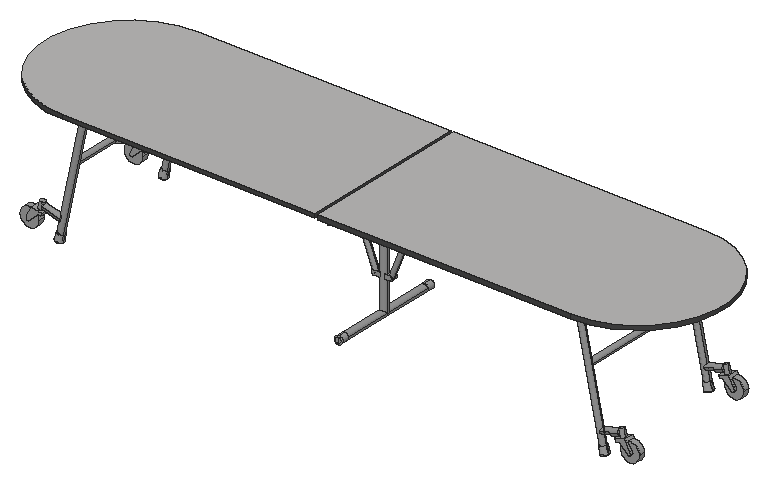
Revit family "23M El. 12 Long x 27 High", category Furniture, Revit 2016 (continued)
Automatic sketch dimensions
  Extrusion 54 sketch curve to Extrusion 54 sketch curve = 0' - 0.70096"
  Extrusion 55 sketch curve to plane 1 "Center Front/Back" = 1' - 1.83838"
  Extrusion 56 sketch curve to plane 1 "Center Front/Back" = 1' - 1.83838"
  Extrusion 57 sketch curve to plane 1 "Center Front/Back" = 1' - 1.83838"
  level to Extrusion 58 sketch curve = 0' - 2.60323"
  plane 3 "Center Left/Right" to Extrusion 58 sketch curve = 5' - 4.18134"
  level to Extrusion 58 sketch curve = 0' - 3.19045"
  Extrusion 58 sketch curve to Extrusion 58 sketch curve = 0' - 0.0982"
  level to Extrusion 58 sketch curve = 0' - 2.37748"
  Extrusion 58 sketch curve to Extrusion 58 sketch curve = 0' - 0.1639"
  Extrusion 58 sketch curve to Extrusion 58 sketch curve = 0' - 0.19297"
  level to Extrusion 58 sketch curve = 0' - 2.3319"
  Extrusion 58 sketch curve to Extrusion 58 sketch curve = 0' - 0.30329"
  level to Extrusion 58 sketch curve = 0' - 5.18826"
  Extrusion 58 sketch curve to Extrusion 58 sketch curve = 0' - 1.14473"
  level to Extrusion 58 sketch curve = 0' - 4.11073"
  Extrusion 58 sketch curve to Extrusion 58 sketch curve = 0' - 1.13066"
  level to Extrusion 58 sketch curve = 0' - 4.04579"
  Extrusion 58 sketch curve to Extrusion 58 sketch curve = 0' - 0.72713"
  level to Extrusion 58 sketch curve = 0' - 4.64752"
  level to Extrusion 59 sketch curve = 0' - 2.82768"
  plane 3 "Center Left/Right" to Extrusion 59 sketch curve = 5' - 3.78794"
  level to Revolve 60 sketch curve = 0' - 0.51718"
  plane 3 "Center Left/Right" to Revolve 60 sketch curve = 4' - 10.80106"
  level to Revolve 60 sketch curve = 0' - 0.30744"
  Revolve 60 sketch curve to Revolve 60 sketch curve = 0' - 0.08686"
  Revolve 60 sketch curve to Revolve 60 sketch curve = 0' - 0.15789"
  level to Revolve 60 sketch curve = 0' - 1.92672"
  Revolve 60 sketch curve to Revolve 60 sketch curve = 0' - 0.51303"
  level to Revolve 60 sketch curve = 0' - 0.14419"  (x2)
  Revolve 60 sketch curve to Revolve 60 sketch curve = 0' - 0.69699"
  Revolve 60 sketch curve to Revolve 60 sketch curve = 0' - 0"  (x2)
  level to Revolve 60 sketch curve = 0' - 1.78014"
  plane 1 "Center Front/Back" to Extrusion 61 sketch curve = 1' - 1.83838"
  plane 1 "Center Front/Back" to Extrusion 62 sketch curve = 1' - 1.83838"
  plane 1 "Center Front/Back" to Extrusion 63 sketch curve = 1' - 1.83838"
  level to Extrusion 64 sketch curve = 0' - 2.60323"
  plane 3 "Center Left/Right" to Extrusion 64 sketch curve = 5' - 4.18134"
  level to Extrusion 64 sketch curve = 0' - 3.19045"
  Extrusion 64 sketch curve to Extrusion 64 sketch curve = 0' - 0.0982"
  level to Extrusion 64 sketch curve = 0' - 2.37748"
  Extrusion 64 sketch curve to Extrusion 64 sketch curve = 0' - 0.1639"
  Extrusion 64 sketch curve to Extrusion 64 sketch curve = 0' - 0.19297"
  level to Extrusion 64 sketch curve = 0' - 2.3319"
  Extrusion 64 sketch curve to Extrusion 64 sketch curve = 0' - 0.30329"
  level to Extrusion 64 sketch curve = 0' - 5.18826"
  Extrusion 64 sketch curve to Extrusion 64 sketch curve = 0' - 1.14473"
  level to Extrusion 64 sketch curve = 0' - 4.11073"
  Extrusion 64 sketch curve to Extrusion 64 sketch curve = 0' - 1.13066"
  level to Extrusion 64 sketch curve = 0' - 4.04579"
  Extrusion 64 sketch curve to Extrusion 64 sketch curve = 0' - 0.72713"
  level to Extrusion 64 sketch curve = 0' - 4.64752"
  level to Extrusion 65 sketch curve = 0' - 2.82768"
  plane 3 "Center Left/Right" to Extrusion 65 sketch curve = 5' - 3.78794"
  level to Revolve 66 sketch curve = 0' - 0.51718"
  plane 3 "Center Left/Right" to Revolve 66 sketch curve = 4' - 10.80106"
  level to Revolve 66 sketch curve = 0' - 0.30744"
  Revolve 66 sketch curve to Revolve 66 sketch curve = 0' - 0.08686"
  Revolve 66 sketch curve to Revolve 66 sketch curve = 0' - 0.15789"
  level to Revolve 66 sketch curve = 0' - 1.92672"
  Revolve 66 sketch curve to Revolve 66 sketch curve = 0' - 0.51303"
  level to Revolve 66 sketch curve = 0' - 0.14419"  (x2)
  Revolve 66 sketch curve to Revolve 66 sketch curve = 0' - 0.69699"
  Revolve 66 sketch curve to Revolve 66 sketch curve = 0' - 0"  (x2)
  level to Revolve 66 sketch curve = 0' - 1.78014"
  level to Extrusion 67 sketch curve = 1' - 4.22033"
  plane 3 "Center Left/Right" to Extrusion 67 sketch curve = 4' - 6.53077"
  plane 1 "Center Front/Back" to Extrusion 68 sketch curve = 0' - 0"
  level to Extrusion 69 sketch curve = 1' - 4.7963"
  plane 3 "Center Left/Right" to Extrusion 69 sketch curve = 4' - 6.28812"
  level to Extrusion 69 sketch curve = 1' - 3.82905"
  Extrusion 69 sketch curve to Extrusion 69 sketch curve = 0' - 0.25918"
  level to Extrusion 69 sketch curve = 1' - 5.39924"
  Extrusion 69 sketch curve to Extrusion 69 sketch curve = 0' - 1.85497"
  Extrusion 69 sketch curve to Extrusion 69 sketch curve = 0' - 0.15456"  (x2)
  level to Extrusion 69 sketch curve = 1' - 4.44822"
  plane 3 "Center Left/Right" to Sweep 70 sketch curve = 2' - 6.21129"
  Sweep 70 sketch curve to Sweep 70 sketch curve = 0' - 0.48982"
  Sweep 70 sketch curve to Sweep 70 sketch curve = 0' - 0.25613"
  level to Sweep 70 sketch curve = 1' - 7.68094"
  Sweep 70 sketch curve to Sweep 70 sketch curve = 0' - 2.90578"
  level to Sweep 70 sketch curve = 1' - 4.80561"
  Sweep 70 sketch curve to Sweep 70 sketch curve = 1' - 10.5198"
  plane 3 "Center Left/Right" to Sweep 70 sketch curve = 0' - 1.56621"
  level to Sweep 70 sketch curve = 2' - 1.08257"
  Sweep 70 sketch curve to profile plane = 0' - 0"
  Sweep 70 sketch curve to profile plane = 0' - 0.00202"
  Extrusion 72 sketch curve to plane 1 "Center Front/Back" = 1' - 2.4397"
  plane 1 "Center Front/Back" to Extrusion 72 sketch curve = 1' - 2.4397"
  Extrusion 72 sketch curve to Extrusion 72 sketch curve = 0' - 0"  (x4)
  plane 1 "Center Front/Back" to Extrusion 72 sketch curve = 0' - 2.6994"
  Extrusion 72 sketch curve to Extrusion 72 sketch curve = 3' - 8.75047"
  Extrusion 72 sketch curve to Extrusion 72 sketch curve = 0' - 10 1/4"  (x2)
  Extrusion 72 sketch curve to Extrusion 72 sketch curve = 0' - 0 1/8"  (x4)
  Extrusion 72 sketch curve to plane 1 "Center Front/Back" = 0' - 2.9406"
  plane 3 "Center Left/Right" to Extrusion 73 sketch curve = 0' - 0.75664"
  level to Extrusion 73 sketch curve = 6' - 3.69745"
  Extrusion 73 sketch curve to Extrusion 73 sketch curve = 0' - 0.53109"
  Extrusion 73 sketch curve to Extrusion 73 sketch curve = 0' - 1.2141"
  Extrusion 73 sketch curve to Extrusion 73 sketch curve = 0' - 1.37051"
  Extrusion 73 sketch curve to Extrusion 73 sketch curve = 0' - 0 5/16"  (x2)
  Extrusion 73 sketch curve to Extrusion 73 sketch curve = 0' - 0 1/4"
  Extrusion 73 sketch curve to Extrusion 73 sketch curve = 0' - 0.54127"
  Extrusion 73 sketch curve to Extrusion 73 sketch curve = 0' - 1.04904"
  Extrusion 73 sketch curve to Extrusion 73 sketch curve = 0' - 0.70096"
  plane 3 "Center Left/Right" to Extrusion 74 sketch curve = 0' - 0.75664"
  level to Extrusion 74 sketch curve = 6' - 3.69745"
  Extrusion 74 sketch curve to Extrusion 74 sketch curve = 0' - 0.53109"
  Extrusion 74 sketch curve to Extrusion 74 sketch curve = 0' - 1.2141"
  Extrusion 74 sketch curve to Extrusion 74 sketch curve = 0' - 1.37051"
  Extrusion 74 sketch curve to Extrusion 74 sketch curve = 0' - 0 5/16"  (x2)
  Extrusion 74 sketch curve to Extrusion 74 sketch curve = 0' - 0 1/4"
  Extrusion 74 sketch curve to Extrusion 74 sketch curve = 0' - 0.54127"
  Extrusion 74 sketch curve to Extrusion 74 sketch curve = 0' - 1.04904"
  Extrusion 74 sketch curve to Extrusion 74 sketch curve = 0' - 0.70096"
  plane 1 "Center Front/Back" to Extrusion 75 sketch curve = 0' - 0"
  Extrusion 76 sketch curve to plane 1 "Center Front/Back" = 1' - 1.83838"
  Extrusion 77 sketch curve to plane 1 "Center Front/Back" = 1' - 1.83838"
  Extrusion 78 sketch curve to plane 1 "Center Front/Back" = 1' - 1.83838"
  level to Extrusion 79 sketch curve = 0' - 1.39557"
  plane 3 "Center Left/Right" to Extrusion 79 sketch curve = 1' - 5.69419"
  Extrusion 79 sketch curve to Extrusion 79 sketch curve = 0' - 0.0982"
  Extrusion 79 sketch curve to Extrusion 79 sketch curve = 0' - 0.1639"
  Extrusion 79 sketch curve to Extrusion 79 sketch curve = 0' - 0.19297"
  Extrusion 79 sketch curve to Extrusion 79 sketch curve = 0' - 0.30329"
  Extrusion 79 sketch curve to Extrusion 79 sketch curve = 0' - 1.14473"
  Extrusion 79 sketch curve to Extrusion 79 sketch curve = 0' - 1.13066"
  Extrusion 79 sketch curve to Extrusion 79 sketch curve = 0' - 0.72713"
  Extrusion 79 sketch curve to Extrusion 79 sketch curve = 0' - 0.16116"
  Extrusion 79 sketch curve to Extrusion 79 sketch curve = 0' - 0.03227"
  Extrusion 79 sketch curve to Extrusion 79 sketch curve = 0' - 0.04557"
  Extrusion 79 sketch curve to Extrusion 79 sketch curve = 0' - 0.58722"
  Extrusion 79 sketch curve to Extrusion 79 sketch curve = 0' - 0.85534"
  Extrusion 79 sketch curve to Extrusion 79 sketch curve = 0' - 0.06493"
  Extrusion 79 sketch curve to Extrusion 79 sketch curve = 0' - 0.60173"
  level to Extrusion 80 sketch curve = 0' - 1.72855"
  plane 3 "Center Left/Right" to Extrusion 80 sketch curve = 1' - 5.38715"
  level to Revolve 81 sketch curve = 0' - 1.03547"
  plane 3 "Center Left/Right" to Revolve 81 sketch curve = 0' - 11.9349"
  Revolve 81 sketch curve to Revolve 81 sketch curve = 0' - 0.08686"
  Revolve 81 sketch curve to Revolve 81 sketch curve = 0' - 0.15789"
  Revolve 81 sketch curve to Revolve 81 sketch curve = 0' - 0.51303"
  Revolve 81 sketch curve to Revolve 81 sketch curve = 0' - 0.69699"
  Revolve 81 sketch curve to Revolve 81 sketch curve = 0' - 0.68958"
  Revolve 81 sketch curve to Revolve 81 sketch curve = 0' - 0.05747"
  Revolve 81 sketch curve to Revolve 81 sketch curve = 0' - 0.31552"
  Revolve 81 sketch curve to Revolve 81 sketch curve = 0' - 0"  (x4)
  plane 1 "Center Front/Back" to Extrusion 82 sketch curve = 1' - 1.83838"
  plane 1 "Center Front/Back" to Extrusion 83 sketch curve = 1' - 1.83838"
  plane 1 "Center Front/Back" to Extrusion 84 sketch curve = 1' - 1.83838"
  level to Extrusion 85 sketch curve = 0' - 1.39557"
  plane 3 "Center Left/Right" to Extrusion 85 sketch curve = 1' - 5.69419"
  Extrusion 85 sketch curve to Extrusion 85 sketch curve = 0' - 0.0982"
  Extrusion 85 sketch curve to Extrusion 85 sketch curve = 0' - 0.1639"
  Extrusion 85 sketch curve to Extrusion 85 sketch curve = 0' - 0.19297"
  Extrusion 85 sketch curve to Extrusion 85 sketch curve = 0' - 0.30329"
  Extrusion 85 sketch curve to Extrusion 85 sketch curve = 0' - 1.14473"
  Extrusion 85 sketch curve to Extrusion 85 sketch curve = 0' - 1.13066"
  Extrusion 85 sketch curve to Extrusion 85 sketch curve = 0' - 0.72713"
  Extrusion 85 sketch curve to Extrusion 85 sketch curve = 0' - 0.16116"
  Extrusion 85 sketch curve to Extrusion 85 sketch curve = 0' - 0.58722"
  Extrusion 85 sketch curve to Extrusion 85 sketch curve = 0' - 0.85534"
  Extrusion 85 sketch curve to Extrusion 85 sketch curve = 0' - 0.06493"
  Extrusion 85 sketch curve to Extrusion 85 sketch curve = 0' - 0.60173"
  Extrusion 85 sketch curve to Extrusion 85 sketch curve = 0' - 0.03227"
  Extrusion 85 sketch curve to Extrusion 85 sketch curve = 0' - 0.04557"
  level to Extrusion 86 sketch curve = 0' - 1.72855"
  plane 3 "Center Left/Right" to Extrusion 86 sketch curve = 1' - 5.38715"
  level to Revolve 87 sketch curve = 0' - 1.03547"
  plane 3 "Center Left/Right" to Revolve 87 sketch curve = 0' - 11.9349"
  Revolve 87 sketch curve to Revolve 87 sketch curve = 0' - 0.08686"
  Revolve 87 sketch curve to Revolve 87 sketch curve = 0' - 0.15789"
  Revolve 87 sketch curve to Revolve 87 sketch curve = 0' - 0.51303"
  Revolve 87 sketch curve to Revolve 87 sketch curve = 0' - 0.69699"
  Revolve 87 sketch curve to Revolve 87 sketch curve = 0' - 0.68958"
  Revolve 87 sketch curve to Revolve 87 sketch curve = 0' - 1.26296"
  Revolve 87 sketch curve to Revolve 87 sketch curve = 0' - 0.14658"
  Revolve 87 sketch curve to Revolve 87 sketch curve = 0' - 0"  (x4)
  plane 3 "Center Left/Right" to Extrusion 88 sketch curve = 1' - 0.6168"
  level to Extrusion 88 sketch curve = 1' - 5.2946"
  plane 3 "Center Left/Right" to Extrusion 89 sketch curve = 1' - 0.55983"
  level to Extrusion 89 sketch curve = 1' - 5.917"
  Extrusion 89 sketch curve to Extrusion 89 sketch curve = 0' - 0.25918"
  Extrusion 89 sketch curve to Extrusion 89 sketch curve = 0' - 1.85497"
  Extrusion 89 sketch curve to Extrusion 89 sketch curve = 0' - 0.15456"  (x2)
  Extrusion 89 sketch curve to Extrusion 89 sketch curve = 0' - 0.34808"
  Extrusion 89 sketch curve to Extrusion 89 sketch curve = 0' - 0.96726"
  Extrusion 89 sketch curve to Extrusion 89 sketch curve = 0' - 0.47551"
  plane 3 "Center Left/Right" to Sweep 90 sketch curve = 0' - 7.77594"
  Sweep 90 sketch curve to Sweep 90 sketch curve = 0' - 0.10267"
  Sweep 90 sketch curve to Sweep 90 sketch curve = 0' - 2.87383"
  level to Sweep 90 sketch curve = 3' - 5.06882"
  Sweep 90 sketch curve to Sweep 90 sketch curve = 0' - 0.37476"
  plane 3 "Center Left/Right" to Sweep 90 sketch curve = 0' - 10.67053"
  Sweep 90 sketch curve to plane 3 "Center Left/Right" = 0' - 2.08346"
  level to Sweep 90 sketch curve = 1' - 6.45369"
  Sweep 90 sketch curve to Sweep 90 sketch curve = 2' - 8.57002"
  Sweep 90 sketch curve to profile plane = 0' - 0"
  profile plane to Sweep 90 sketch curve = 0' - 3.53405"
  Extrusion 1 sketch curve to plane 3 "Center Left/Right" = 0' - 0 3/8"
  plane 1 "Center Front/Back" to Extrusion 26 sketch curve = 0' - 0"
  Extrusion 26 sketch curve to Extrusion 26 sketch curve = 4' - 11 5/8"
  plane 3 "Center Left/Right" to Extrusion 51 sketch curve = 0' - 0 3/8"
  Extrusion 71 sketch curve to Extrusion 71 sketch curve = 4' - 11 5/8"
  radius of Extrusion 5 sketch curve = 0' - 0 5/8"
  radius of Extrusion 6 sketch curve = 0' - 0 1/2"
  radius of Extrusion 7 sketch curve = 0' - 0 5/8"
  radius of Extrusion 9 sketch curve = 0' - 2"
  radius of Extrusion 11 sketch curve = 0' - 0 5/8"
  radius of Extrusion 12 sketch curve = 0' - 0 1/2"
  radius of Extrusion 13 sketch curve = 0' - 0 5/8"
  radius of Extrusion 15 sketch curve = 0' - 2"
  radius of Extrusion 17 sketch curve = 0' - 0 5/8"
  radius of Extrusion 18 sketch curve = 0' - 0 3/4"
  radius of Extrusion 21 sketch curve = 0' - 0 3/4"
  radius of Extrusion 22 sketch curve = 0' - 0 1/2"
  radius of Sweep 25 sketch curve = 0' - 0 1/2"
  radius of Extrusion 30 sketch curve = 0' - 0 3/4"
  radius of Extrusion 33 sketch curve = 0' - 0 1/2"
  radius of Extrusion 35 sketch curve = 0' - 0 3/4"
  radius of Extrusion 36 sketch curve = 0' - 0 5/8"
  radius of Extrusion 37 sketch curve = 0' - 0 1/2"
  radius of Extrusion 38 sketch curve = 0' - 0 5/8"
  radius of Extrusion 40 sketch curve = 0' - 2"
  radius of Extrusion 42 sketch curve = 0' - 0 5/8"
  radius of Extrusion 43 sketch curve = 0' - 0 1/2"
  radius of Extrusion 44 sketch curve = 0' - 0 5/8"
  radius of Extrusion 46 sketch curve = 0' - 2"
  radius of Extrusion 48 sketch curve = 0' - 0 5/8"
  radius of Sweep 50 sketch curve = 0' - 0 1/2"
  radius of Extrusion 55 sketch curve = 0' - 0 5/8"
  radius of Extrusion 56 sketch curve = 0' - 0 1/2"
  radius of Extrusion 57 sketch curve = 0' - 0 5/8"
  radius of Extrusion 59 sketch curve = 0' - 2"
  radius of Extrusion 61 sketch curve = 0' - 0 5/8"
  radius of Extrusion 62 sketch curve = 0' - 0 1/2"
  radius of Extrusion 63 sketch curve = 0' - 0 5/8"
  radius of Extrusion 65 sketch curve = 0' - 2"
  radius of Extrusion 67 sketch curve = 0' - 0 5/8"
  radius of Extrusion 68 sketch curve = 0' - 0 1/2"
  radius of Sweep 70 sketch curve = 0' - 0 1/2"
  radius of Extrusion 75 sketch curve = 0' - 0 1/2"
  radius of Extrusion 76 sketch curve = 0' - 0 5/8"
  radius of Extrusion 77 sketch curve = 0' - 0 1/2"
  radius of Extrusion 78 sketch curve = 0' - 0 5/8"
  radius of Extrusion 80 sketch curve = 0' - 2"
  radius of Extrusion 82 sketch curve = 0' - 0 5/8"
  radius of Extrusion 83 sketch curve = 0' - 0 1/2"
  radius of Extrusion 84 sketch curve = 0' - 0 5/8"
  radius of Extrusion 86 sketch curve = 0' - 2"
  radius of Extrusion 88 sketch curve = 0' - 0 5/8"
  radius of Sweep 90 sketch curve = 0' - 0 1/2"
Types (3): name | Width | Model
  (no name) | 3' - 0" | "23M15273612EL"
  23M15273012EL | 2' - 6" | "23M15273012EL"
  23M15273612EL | 3' - 0" | "23M15273612EL"
